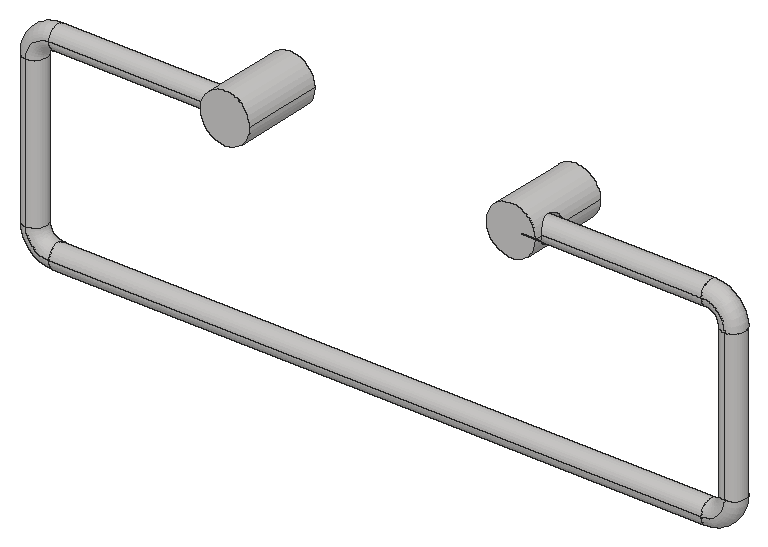
Revit family "T15BP", category Generic Models, Revit 2021
Family settings
  Can host rebar = No
  Round Connector Dimension = Use Diameter
  Part Type = Normal
  Work Plane-Based = No
  Always vertical = Yes
  Cut with Voids When Loaded = No
  Shared = No
  Room Calculation Point = No
Parameters (values of type "Standard")
  e-mail = "info@vola.com"
  URL = "http://vola.com"
  Telephone = "+45 7023 5500"
  Quality management standard = "ISO 9001"
  Organisation no. / DUNS no. = "17531328"
  Occupational health and safety management standard = "ISO 18001"
  Mounting Instructions = "http://vola.com/service/producturl.ashx?name=T15BP"
  Model = "T15BP"
  Materials and components information = "http://vola.com/service/producturl.ashx?name=T15BP"
  Manufacturer = "VOLA A/S"
  Maintenance Instructions = "http://vola.com/service/producturl.ashx?name=T15BP"
  Guarantee = "2 years"
  Environmental management standard = "ISO 14000"
  Default Elevation = 0.00 mm
  Connection - All relevant connections = ""
  Approvals = "http://vola.com/service/producturl.ashx?name=T15BP"
Reference planes
  plane 1 "Center (Front/Back)": y = 0
  plane 2: z = 0
  plane 3 "Center (Left/Right)": x = 0
Forms (mm)
  Extrusion 1, solid, material "Stainless Steel"
    sketch origin (1, 0, 0) x (1, 0, 0) y (0, 0, 1)
      loop
        circle (48.5, 0) r 8.5
    from 0 to 28
  Extrusion 2, solid, material "Stainless Steel"
    sketch origin (-1, 0, 0) x (-1, 0, 0) y (0, 0, -1)
      loop
        circle (48.5, 0) r 8.5
    from 0 to 28
  Sweep 3, solid, material "Stainless Steel"
    path origin (-80.163, -21, 1219.2) x (-1, 0, 0) y (0, 0, 1)
      loop
        line (-129.663, -1219.2) -> (-193.163, -1219.2)
        arc (-193.163, -1219.2) -> (-198.82, -1221.543) -> (-201.163, -1227.2) r 8
        line (-201.163, -1227.2) -> (-201.163, -1279.2)
        arc (-201.163, -1279.2) -> (-198.82, -1284.857) -> (-193.163, -1287.2) r 8
        line (-193.163, -1287.2) -> (32.837, -1287.2)
        arc (32.837, -1287.2) -> (38.494, -1284.857) -> (40.837, -1279.2) r 8
        line (40.837, -1279.2) -> (40.837, -1227.2)
        arc (40.837, -1227.2) -> (38.494, -1221.543) -> (32.837, -1219.2) r 8
        line (32.837, -1219.2) -> (-30.663, -1219.2)
    profile origin (-81.25, -21, 0) x (0, 0, -1) y (0, 1, 0)
      loop
        circle (0, 0) r 4
  Extrusion 4, void
    sketch origin (58, -17, 1219.2) x (0, -1, 0) y (0, 0, -1)
      loop
        circle (4, 1219.2) r 4.75
    from -8.5 to 0
  Extrusion 5, void
    sketch origin (-58, -17, 1219.2) x (0, -1, 0) y (0, 0, 1)
      loop
        circle (4, -1219.2) r 4.75
    from -8.5 to 0
Cuts and joins
  Extrusion 4, Extrusion 5 cuts Extrusion 1
  Extrusion 5 cuts Extrusion 2
Dimensions and locks
  aligned and locked: plane 2 to level
